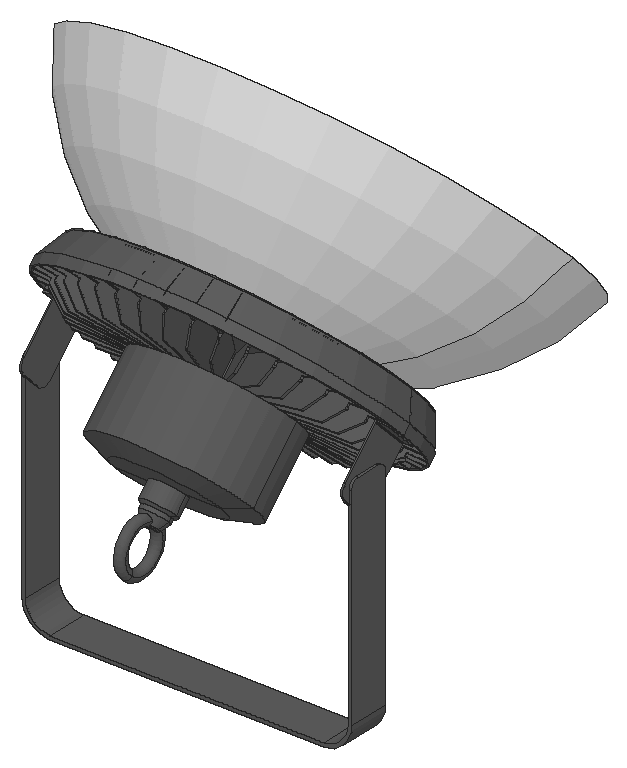
Revit family "0039351+0039354+0039356 Feilo Sylvania Lighting Fixture START HIGHBAY 6K 19KLM WIDE with BRACKET and ALU SHADE ALU COLOR", category Lighting Fixtures, host Face, Revit 2017
Family settings
  Host = Face
  Round Connector Dimension = Use Diameter
  Part Type = Normal
  OmniClass Number = 23.80.70.00
  OmniClass Title = Lighting
  Cut with Voids When Loaded = No
  Light Source = No
  Shared = No
  Room Calculation Point = No
Parameters (values of type "0039351+0039354+0039356 START HIGHBAY 6K 19KLM WIDE with BRACKET and ALU SHADE ALU COLOR")
  Weight = "3.4 kg"
  Wattage Comments = ""
  WarrantyStartDate [instance] = "n/a"
  WarrantyGuarantorParts = "n/a"
  WarrantyDurationUnit = "n/a"
  WarrantyDurationParts = "n/a"
  WarrantyDescription = "n/a"
  Voltage = 230 V
  URL = "http://www.sylvania-lighting.com"
  TypeName = "START HIGHBAY 6K 19KLM WIDE with BRACKET and ALU SHADE ALU COLOR"
  TypeHead_FEILO = Start LED Highbay Head : 0039351+0039354+0039356 START HIGHBAY 6K 19KLM WIDE with BRACKET and ALU SHADE ALU COLOR
  Type Image = <None>
  Type Comments = "n/a"
  TiltAngle_FEILO [instance] = 45.00°
  ThicknessBracketPlate_FEILO = 3 mm
  SizeBracketS_FEILO = no
  SizeBracketM_FEILO = yes
  SerialNumber [instance] = "n/a"
  RadiusBracketTop_FEILO = 7 mm
  RadiusBendOut_FEILO = if(SizeBracketS_FEILO, 18 mm, if(SizeBracketM_FEILO, 24 mm, 28 mm))  # 24 mm
  RadiusBendIn_FEILO = RadiusBendOut_FEILO - ThicknessBracketPlate_FEILO  # 21 mm
  Material_3_FEILO = none
  PowerFactor = 0.95
  PowerConsumption = "150 W"
  NominalLength = 296 mm
  NominalHeight = 177 mm
  NominalDepth = 296 mm
  Name = "START HIGHBAY 6K 19KLM WIDE with BRACKET and ALU SHADE ALU COLOR"
  ModelReference = Name  # "START HIGHBAY 6K 19KLM WIDE with BRACKET and ALU SHADE ALU COLOR"
  ModelNumber = "0039351+0039354+0039356"
  Model = Name  # "START HIGHBAY 6K 19KLM WIDE with BRACKET and ALU SHADE ALU COLOR"
  Material = "aluminium alloy housing, polycarbonate diffuser"
  ManufacturerName = "Feilo Sylvania"
  Manufacturer = "Feilo Sylvania"
  LuminousEfficacy = "130 lm/W"
  LuminaireType = ""
  LightOutputRatio = "n/a"
  LampsType = Lamp  # "LED"
  LampNominalLuminous = "19500 lm"
  LampMacAdamStep = "n/a"
  LampColourTemperature = "6500 K"
  LampColourRenderingIndex = "80"
  Lamp = "LED"
  Keynote = "16500"
  InstallationDate [instance] = "n/a"
  InputVoltage = "220-240V~"
  InputNominalFrequency = "50/60 Hz"
  IngressProtection = "IP65"
  ImpactProtectionIndex = "IK08"
  IfcExportType = "IfcLightFixtureType"
  IfcExportAs = "IfcLightFixtureType"
  ExpectedLife = 50000
  EndAngle_FEILO [instance] = TiltAngle_FEILO + 180.00°  # 225.00°
  ElectricShockClassification = "Class I"
  DurationUnit = "hours"
  DocumentationLiterature = "http://www.sylvania-lighting.com/product/en-int/products/0039351"
  DimmingControlOptions = "n/a"
  Material_2_FEILO = none
  Description = "START HIGHBAY, includes 1 m cables, black aluminium housing, 19500LM, 150W, 130lm/W, 6500K, Driver current: 2140mA, CR80, 60° beam angle, 1-10V dimmable,  IP65, IK08, 50,000 hrs (L70B50), (LxWxH) 296x296x177mm"
  Default Elevation = 1219.2 mm
  CreatedOn = "2/28/2018"
  CreatedBy = ""
  Cost = 0
  built-in parameter 1114216 [instance] = (empty or 0)
  ClassificationValue = "EF_70_80"
  ClassificationName = "Uniclass2015"
  Material_1_FEILO = Body-Sylvania-StartHighbay-Black
  BracketHeight_FEILO = if(SizeBracketS_FEILO, 199.5 mm, if(SizeBracketM_FEILO, 209.6 mm, 201.3 mm))  # 209.6 mm
  BracketDistanceInner_FEILO = if(SizeBracketS_FEILO, 249.4 mm, if(SizeBracketM_FEILO, 273.6 mm, 313.2 mm))  # 273.6 mm
  BarCode [instance] = "n/a"
  AssetType = "Fixed"
  AssetIdentifier [instance] = "n/a"
  Assembly Code = "D5020200"
  Apparent Load = 150 VA
  Material_4_FEILO = none
Reference planes
  plane 1 "Center (Front/Back)": y = 0
  plane 2: z = 0
  plane 3 "Center (Left/Right)": x = 0
  plane 4: x = -139.8
  plane 5: x = 139.8
  plane 6: z = 209.6
  plane 7: x = -136.8
  plane 8: z = 3
  plane 9: x = 136.8
  plane 10: y = 17.5
  plane 11: y = -17.5
  plane 12: y = -19.5
  plane 13: z = 211.6
  plane 14: y = 19.5
  plane 15: z = 200.6
Forms (mm)
  Extrusion 1, solid, material "Body-Sylvania-StartHighbay-Black" <- "Material_1_FEILO"
    sketch origin (0, 0, 0) x (1, 0, 0) y (0, 0, 1)
      loop
        line (-139.8, 209.6) -> (-139.8, 24)
        arc (-139.8, 24) -> (-132.771, 7.029) -> (-115.8, 0) r 24
        line (-115.8, 0) -> (115.8, 0)
        arc (115.8, 0) -> (132.771, 7.029) -> (139.8, 24) r 24
        line (139.8, 24) -> (139.8, 209.6) -> (136.8, 209.6) -> (136.8, 24)
        arc (136.8, 24) -> (130.649, 9.151) -> (115.8, 3) r 21
        line (115.8, 3) -> (-115.8, 3)
        arc (-115.8, 3) -> (-130.649, 9.151) -> (-136.8, 24) r 21
        line (-136.8, 24) -> (-136.8, 209.6) -> (-139.8, 209.6)
    from -17.5 to 17.5
  Extrusion 2, void
    sketch origin (0, 0, 0) x (0, 1, 0) y (0, 0, 1)
      loop
        arc (10.5, 209.6) -> (15.45, 207.55) -> (17.5, 202.6) r 7
        line (17.5, 202.6) -> (19.5, 202.6) -> (19.5, 211.6) -> (-19.5, 211.6) -> (-19.5, 202.6) -> (-17.5, 202.6)
        arc (-17.5, 202.6) -> (-15.45, 207.55) -> (-10.5, 209.6) r 7
        line (-10.5, 209.6) -> (10.5, 209.6)
    from -139.8 to 139.8
  Revolve 3, solid, not visible
    sketch origin (1223.4, -4572, 200.6) x (0, -1, 0) y (1, 0, 0)
      loop
        line (-4572, -1223.4) -> (-4591.5, -1223.4) -> (-4591.5, -1277.783) -> (-4572, -1277.783) -> (-4572, -1223.4)
      axis (-4572, -1223.4) -> (-4572, -1277.783)
    angle from 45 <- "TiltAngle_FEILO" to 225 <- "EndAngle_FEILO"
Cuts and joins
  Extrusion 2 cuts Extrusion 1
Dimensions and locks
  "BracketHeight_FEILO": plane 6 to plane 2
  equal spacing: plane 11, plane 1 "Center (Front/Back)", plane 10
  locked: plane 11 to plane 10 at 35
  equal spacing: plane 9, plane 3 "Center (Left/Right)", plane 7
  "BracketDistanceInner_FEILO": plane 9 to plane 7
  "ThicknessBracketPlate_FEILO": plane 7 to plane 4
  "ThicknessBracketPlate_FEILO": plane 8 to plane 2
  equal spacing: plane 5, plane 3 "Center (Left/Right)", plane 4
  equal spacing: plane 12, plane 1 "Center (Front/Back)", plane 14
  locked: plane 6 to plane 13 at 2
  locked: plane 12 to plane 11 at 2
  locked: plane 6 to plane 15 at 9
  "RadiusBendOut_FEILO": radius of Extrusion 1 sketch curve  (x2)
  "RadiusBendIn_FEILO": radius of Extrusion 1 sketch curve  (x2)
  "RadiusBracketTop_FEILO": radius of Extrusion 2 sketch curve  (x2)
  aligned and locked: plane 2 to host face
  aligned and locked: level to host face
  aligned and locked: Extrusion 1 sketch curve to plane 4
  aligned and locked: Extrusion 1 sketch curve to level
  aligned and locked: plane 6 to Extrusion 1 sketch curve
  aligned and locked: Extrusion 1 sketch curve to plane 6
  aligned and locked: Extrusion 1 sketch curve to plane 7
  aligned and locked: plane 9 to Extrusion 1 sketch curve
  aligned and locked: plane 8 to Extrusion 1 sketch curve
  aligned and locked: Extrusion 1 to plane 10
  aligned and locked: plane 11 to Extrusion 1
  aligned and locked: Extrusion 1 to Extrusion 2 sketch curve
  aligned and locked: plane 14 to Extrusion 2 sketch curve  (x2)
  aligned and locked: Extrusion 2 sketch curve to plane 12
  aligned and locked: plane 13 to Extrusion 2 sketch curve
  aligned and locked: plane 5 to Extrusion 2
  aligned and locked: Extrusion 2 to plane 4
  aligned and locked: Revolve 3 sketch curve to plane 1 "Center (Front/Back)"
  aligned and locked: Revolve 3 sketch curve to Revolve 3 sketch curve
  aligned and locked: plane 3 "Center (Left/Right)" to Revolve 3 sketch curve
  aligned and locked: Revolve 3 sketch curve to plane 14
  aligned and locked: nested 1 to plane 3 "Center (Left/Right)"
Automatic sketch dimensions
  host sketch curve to host sketch curve = 2438.4 mm  (x2)
  Revolve 3 sketch curve to Revolve 3 sketch curve = 54.383 mm
  Revolve 3 sketch curve to plane 4 = 1396.3 mm
  plane 5 to Revolve 3 sketch curve = 1396.3 mm
  Extrusion 1 sketch curve to Extrusion 1 sketch curve = 0 mm
  Extrusion 2 sketch curve to plane 11 = 0 mm
  Extrusion 2 sketch curve to plane 10 = 0 mm
Nested families
  nested 1: "Start LED Highbay Head" at (0, 0, 200.6) x (-1, 0, 0) z (0, 0.7071, 0.7071), type <- "TypeHead_FEILO", type "0039351+0039354+0039356 START HIGHBAY 6K 19KLM WIDE with BRACKET and ALU SHADE ALU COLOR"
    with built-in parameter 1114216 (empty or 0)
Connectors
  electrical at (0, 0, 0), driven by "Apparent Load", driven by "PowerFactor", driven by "Voltage"
    settings: index 1, voltage 230 V, apparent load 150 VA, apparent load phase1 0 VA, apparent load phase2 0 VA, apparent load phase3 0 VA, power factor 0.95, load classification "Lighting", number of poles 1, system type 30, power factor state 1, is connector primary yes, connector utility no, sub classification motor no, connector description ""
Definition of nested family "Start LED Highbay Head"
  Parameters (values of type "0039351+0039354+0039358 START HIGHBAY 6K 19KLM WIDE with BRACKET and PC LAMPSHADE TRANSPARENT ")
    X_FEILO = if(SizeS_FEILO, 60.3 mm, if(SizeM_FEILO, 70.4 mm, 83.5 mm))  # 70.4 mm
    WidthStraight_FEILO = if(SizeS_FEILO, 3 mm, if(SizeM_FEILO, 4 mm, 4.7 mm))  # 4 mm
    WidthRingChamfer_FEILO = if(SizeS_FEILO, 10.3 mm, if(SizeM_FEILO, 11.2 mm, 12.9 mm))  # 11.2 mm
    WidthCurved_FEILO = if(SizeS_FEILO, 17.4 mm, if(SizeM_FEILO, 16.4 mm, 26.2 mm))  # 16.4 mm
    WidthCurvedRing_FEILO = if(SizeS_FEILO, 3 mm, if(SizeM_FEILO, 4 mm, 4.7 mm))  # 4 mm
    WidthBracket_FEILO = 40 mm
    Wattage Comments = ""
    Wattage = 150 W
    built-in parameter 1150110 = 1 (stored number, unit not read)
    URL = "http://www.feilosylvania.com"
    Type Image = (empty or 0)
    Type Comments = "n/a"
    built-in parameter 1114217 = 1 (stored number, unit not read)
    Tilt Angle = -90.00°
    ThicknessWall_FEILO = 1.5 mm
    ThicknessBracket_FEILO = 1.5 mm
    ThicknessBracketHalf_FEILO = ThicknessBracket_FEILO / 2  # 0.75 mm
    built-in parameter 1150109 = 1 (stored number, unit not read)
    built-in parameter 1150134 = 1
    built-in parameter 1150113 = 1 (stored number, unit not read)
    SizeS_FEILO = no
    SizeM_FEILO = yes
    ShadeThickness_FEILO = 3 mm
    ShadeSizeSM_FEILO = or(SizeS_FEILO, SizeM_FEILO)  # yes
    ShadeRadiusOut_FEILO = 205 mm
    ShadeRadiusIn_FEILO = if(ShadeSizeSM_FEILO, 95 mm, 121 mm)  # 95 mm
    ShadeRadiusBend_FEILO = if(ShadeSizeSM_FEILO, 210 mm, 210 mm)  # 210 mm
    ShadeOn_FEILO = yes
    ShadeHeight_FEILO = if(ShadeSizeSM_FEILO, 120 mm, 151 mm)  # 120 mm
    Rib4_FEILO = if(SizeS_FEILO, 18.1 mm, if(SizeM_FEILO, 13.6 mm, 14.6 mm))  # 13.6 mm
    Rib3_FEILO = if(SizeS_FEILO, 15.3 mm, if(SizeM_FEILO, 17.6 mm, 20.2 mm))  # 17.6 mm
    Rib2_FEILO = if(SizeS_FEILO, 3.6 mm, if(SizeM_FEILO, 3.9 mm, 4.5 mm))  # 3.9 mm
    Rib1_FEILO = if(SizeS_FEILO, 15.1 mm, if(SizeM_FEILO, 16.5 mm, 19 mm))  # 16.5 mm
    RadiusDiffuser_FEILO = if(SizeS_FEILO, 95.2 mm, if(SizeM_FEILO, 105.3 mm, 120 mm))  # 105.3 mm
    RadiusArrayPost_FEILO = DriverRadius_FEILO - 6 mm  # 61.2 mm
    RHRadius3_FEILO = if(SizeS_FEILO, 6.6 mm, if(SizeM_FEILO, 7.4 mm, 8.6 mm))  # 7.4 mm
    RHRadius2_FEILO = if(SizeS_FEILO, 11 mm, if(SizeM_FEILO, 12 mm, 14 mm))  # 12 mm
    RHRadius1_FEILO = if(SizeS_FEILO, 13.6 mm, if(SizeM_FEILO, 14.9 mm, 17.7 mm))  # 14.9 mm
    RHHeight4_FEILO = if(SizeS_FEILO, 7.3 mm, if(SizeM_FEILO, 8 mm, 9.2 mm))  # 8 mm
    RHHeight3_FEILO = if(SizeS_FEILO, 3.6 mm, if(SizeM_FEILO, 3.7 mm, 4.6 mm))  # 3.7 mm
    RHHeight2_FEILO = if(SizeS_FEILO, 2 mm, if(SizeM_FEILO, 2.2 mm, 2.6 mm))  # 2.2 mm
    RHHeight1_FEILO = if(SizeS_FEILO, 11.8 mm, if(SizeM_FEILO, 15.3 mm, 17.4 mm))  # 15.3 mm
    Photometric Web File = "0039351+0039358.ies"
    Material_5_FEILO = none
    Material_3_FEILO = none
    Model = "START HIGHBAY 6K 19KLM WIDE with BRACKET and PC LAMPSHADE TRANSPARENT"
    Manufacturer = "Feilo Sylvania"
    built-in parameter 1150105 = 10854.2 (stored number, unit not read)
    Lumens = 19500 lm
    built-in parameter 1150115 = 1 (stored number, unit not read)
    built-in parameter 1150137 = (empty or 0)
    built-in parameter 1150139 = (empty or 0)
    built-in parameter 1150112 = 1 (stored number, unit not read)
    built-in parameter 1150114 = 1 (stored number, unit not read)
    Lamp = "LED"
    Keynote = "16500"
    built-in parameter 1150132 = (empty or 0)
    built-in parameter 1150102 = (empty or 0)
    built-in parameter 1150107 = 6500 (stored number, unit not read)
    built-in parameter 1150138 = (empty or 0)
    built-in parameter 1150106 = 108.54 (stored number, unit not read)
    HeightRing_FEILO = if(SizeS_FEILO, 19.8 mm, if(SizeM_FEILO, 32 mm, 36.8 mm))  # 32 mm
    HeightRingChamfer_FEILO = if(SizeS_FEILO, 11.7 mm, if(SizeM_FEILO, 23.2 mm, 26.6 mm))  # 23.2 mm
    EyeThickness_FEILO = if(SizeS_FEILO, 8.4 mm, if(SizeM_FEILO, 9.2 mm, 10.5 mm))  # 9.2 mm
    EyeThicknessHalf_FEILO = EyeThickness_FEILO / 2  # 4.6 mm
    EyeInner_FEILO = if(SizeS_FEILO, 13.8 mm, if(SizeM_FEILO, 15.1 mm, 17.3 mm))  # 15.1 mm
    Emit from Circle Diameter = RadiusDiffuser_FEILO * 2  # 210.6 mm
    Emit Shape Visible in Rendering = no
    built-in parameter 1150104 = 12.077 (stored number, unit not read)
    DriverVerticalStraight_FEILO = if(SizeS_FEILO, 46.5 mm, if(SizeM_FEILO, 49.7 mm, 57 mm))  # 49.7 mm
    DriverVerticalChamfer_FEILO = if(SizeS_FEILO, 7.5 mm, if(SizeM_FEILO, 8.2 mm, 9.5 mm))  # 8.2 mm
    DriverRadius_FEILO = if(SizeS_FEILO, 61.4 mm, if(SizeM_FEILO, 67.2 mm, 76.4 mm))  # 67.2 mm
    DriverRadiusTop_FEILO = if(SizeS_FEILO, 42 mm, if(SizeM_FEILO, 45.3 mm, 52.4 mm))  # 45.3 mm
    DriverBottom_FEILO = if(SizeS_FEILO, 56 mm, if(SizeM_FEILO, 64.5 mm, 74 mm))  # 64.5 mm
    Material_2_FEILO = none
    Radius_FEILO = if(SizeS_FEILO, 135 mm, if(SizeM_FEILO, 148 mm, 169.5 mm))  # 148 mm
    Dimming Lamp Color Temperature Shift = (empty or 0)
    DiameterWire_FEILO = 3 mm
    DiameterWireSupport_FEILO = 10 mm
    Description = "START HIGHBAY, includes 1 m cables, black aluminium housing, 19500LM, 150W, 130lm/W, 6500K, Driver current: 2140mA, CR80, 60° beam angle, 1-10V dimmable,  IP65, IK08, 50,000 hrs (L70B50), (LxWxH) 296x296x177mm"
    Default Elevation = 1219.2 mm
    Cost = 0
    Color Filter = 16777215
    built-in parameter 1114216 [instance] = (empty or 0)
    Material_1_FEILO = none
    built-in parameter 1114218 = 1 (stored number, unit not read)
    built-in parameter 1150133 = 10 (stored number, unit not read)
    Assembly Code = "D5020200"
    Apparent Load = 150 VA
    Material_4_FEILO = none
  Types (36, lengths in mm): name | X_FEILO | WidthStraight_FEILO | WidthRingChamfer_FEILO | WidthCurved_FEILO | WidthCurvedRing_FEILO | Wattage | built-in parameter 1150134 | SizeS_FEILO | SizeM_FEILO | ShadeSizeSM_FEILO | ShadeRadiusIn_FEILO | ShadeOn_FEILO | ShadeHeight_FEILO | Rib4_FEILO | Rib3_FEILO | Rib2_FEILO | Rib1_FEILO | RadiusDiffuser_FEILO | RadiusArrayPost_FEILO | RHRadius3_FEILO | RHRadius2_FEILO | RHRadius1_FEILO | RHHeight4_FEILO | RHHeight3_FEILO | RHHeight2_FEILO | RHHeight1_FEILO | Photometric Web File | Model | built-in parameter 1150105 | Lumens | built-in parameter 1150107 | built-in parameter 1150106 | HeightRing_FEILO | HeightRingChamfer_FEILO | EyeThickness_FEILO | EyeThicknessHalf_FEILO | EyeInner_FEILO | Emit from Circle Diameter | DriverVerticalStraight_FEILO | DriverVerticalChamfer_FEILO | DriverRadius_FEILO | DriverRadiusTop_FEILO | DriverBottom_FEILO | Radius_FEILO | Description | Apparent Load
    0039352+0039355+0039361 START HIGHBAY 6K 26KLM WIDE with BRACKET and PC LAMPSHADE TRANSPARENT | 83.5 | 4.7 | 12.9 | 26.2 | 4.7 | 200 W | 1 | no | no | no | 121 | yes | 151 | 14.6 | 20.2 | 4.5 | 19 | 120 | 70.4 | 8.6 | 14 | 17.7 | 9.2 | 4.6 | 2.6 | 17.4 | "0039352+0039361.ies" | "START HIGHBAY 6K 26KLM WIDE with BRACKET and PC LAMPSHADE TRANSPARENT" | 17911 (stored number, unit not read) | 26000 lm | 6500 (stored number, unit not read) | 179.11 (stored number, unit not read) | 36.8 | 26.6 | 10.5 | 5.25 | 17.3 | 240 | 57 | 9.5 | 76.4 | 52.4 | 74 | 169.5 | "START HIGHBAY, includes 1 m cables, black aluminium housing, 26000LM, 200W, 130lm/W, 6500K, Driver current: 5000mA, CR80, 60° beam angle, 1-10V dimmable,  IP65, IK08, 50,000 hrs (L70B50), (LxWxH) 339x339x194mm" | 200 VA
    0039352+0039355+0039360 START HIGHBAY 6K 26KLM WIDE with BRACKET and ALU SHADE BLACK COLOR | 83.5 | 4.7 | 12.9 | 26.2 | 4.7 | 200 W | 1 | no | no | no | 121 | yes | 151 | 14.6 | 20.2 | 4.5 | 19 | 120 | 70.4 | 8.6 | 14 | 17.7 | 9.2 | 4.6 | 2.6 | 17.4 | "0039352+0039360.ies" | "START HIGHBAY 6K 26KLM WIDE with BRACKET and ALU SHADE BLACK COLOR" | 14870 (stored number, unit not read) | 26000 lm | 6500 (stored number, unit not read) | 148.7 (stored number, unit not read) | 36.8 | 26.6 | 10.5 | 5.25 | 17.3 | 240 | 57 | 9.5 | 76.4 | 52.4 | 74 | 169.5 | "START HIGHBAY, includes 1 m cables, black aluminium housing, 26000LM, 200W, 130lm/W, 6500K, Driver current: 5000mA, CR80, 60° beam angle, 1-10V dimmable,  IP65, IK08, 50,000 hrs (L70B50), (LxWxH) 339x339x194mm" | 200 VA
    0039352+0039355+0039359 START HIGHBAY 6K 26KLM WIDE with BRACKET and ALU SHADE ALU COLOR | 83.5 | 4.7 | 12.9 | 26.2 | 4.7 | 200 W | 1 | no | no | no | 121 | yes | 151 | 14.6 | 20.2 | 4.5 | 19 | 120 | 70.4 | 8.6 | 14 | 17.7 | 9.2 | 4.6 | 2.6 | 17.4 | "0039352+0039359.ies" | "START HIGHBAY 6K 26KLM WIDE with BRACKET and ALU SHADE ALU COLOR" | 14870 (stored number, unit not read) | 26000 lm | 6500 (stored number, unit not read) | 148.7 (stored number, unit not read) | 36.8 | 26.6 | 10.5 | 5.25 | 17.3 | 240 | 57 | 9.5 | 76.4 | 52.4 | 74 | 169.5 | "START HIGHBAY, includes 1 m cables, black aluminium housing, 26000LM, 200W, 130lm/W, 6500K, Driver current: 5000mA, CR80, 60° beam angle, 1-10V dimmable,  IP65, IK08, 50,000 hrs (L70B50), (LxWxH) 339x339x194mm" | 200 VA
    0039352+0039355 START HIGHBAY 6K 26KLM WIDE with BRACKET | 83.5 | 4.7 | 12.9 | 26.2 | 4.7 | 200 W | 1 | no | no | no | 121 | no | 151 | 14.6 | 20.2 | 4.5 | 19 | 120 | 70.4 | 8.6 | 14 | 17.7 | 9.2 | 4.6 | 2.6 | 17.4 | "0039352.ies" | "START HIGHBAY 6K 26KLM WIDE with BRACKET" | 13836.2 (stored number, unit not read) | 26000 lm | 6500 (stored number, unit not read) | 138.36 (stored number, unit not read) | 36.8 | 26.6 | 10.5 | 5.25 | 17.3 | 240 | 57 | 9.5 | 76.4 | 52.4 | 74 | 169.5 | "START HIGHBAY, includes 1 m cables, black aluminium housing, 26000LM, 200W, 130lm/W, 6500K, Driver current: 5000mA, CR80, 60° beam angle, 1-10V dimmable,  IP65, IK08, 50,000 hrs (L70B50), (LxWxH) 339x339x194mm" | 200 VA
    0039351+0039354+0039358 START HIGHBAY 6K 19KLM WIDE with BRACKET and PC LAMPSHADE TRANSPARENT | 70.4 | 4 | 11.2 | 16.4 | 4 | 150 W | 1 | no | yes | yes | 95 | yes | 120 | 13.6 | 17.6 | 3.9 | 16.5 | 105.3 | 61.2 | 7.4 | 12 | 14.9 | 8 | 3.7 | 2.2 | 15.3 | "0039351+0039358.ies" | "START HIGHBAY 6K 19KLM WIDE with BRACKET and PC LAMPSHADE TRANSPARENT" | 10854.2 (stored number, unit not read) | 19500 lm | 6500 (stored number, unit not read) | 108.54 (stored number, unit not read) | 32 | 23.2 | 9.2 | 4.6 | 15.1 | 210.6 | 49.7 | 8.2 | 67.2 | 45.3 | 64.5 | 148 | "START HIGHBAY, includes 1 m cables, black aluminium housing, 19500LM, 150W, 130lm/W, 6500K, Driver current: 2140mA, CR80, 60° beam angle, 1-10V dimmable,  IP65, IK08, 50,000 hrs (L70B50), (LxWxH) 296x296x177mm" | 150 VA
    0039351+0039354+0039357 START HIGHBAY 6K 19KLM WIDE with BRACKET and ALU SHADE BLACK COLOR | 70.4 | 4 | 11.2 | 16.4 | 4 | 150 W | 1 | no | yes | yes | 95 | yes | 120 | 13.6 | 17.6 | 3.9 | 16.5 | 105.3 | 61.2 | 7.4 | 12 | 14.9 | 8 | 3.7 | 2.2 | 15.3 | "0039351+0039357.ies" | "START HIGHBAY 6K 19KLM WIDE with BRACKET and ALU SHADE BLACK COLOR" | 11152.5 (stored number, unit not read) | 19500 lm | 6500 (stored number, unit not read) | 111.52 (stored number, unit not read) | 32 | 23.2 | 9.2 | 4.6 | 15.1 | 210.6 | 49.7 | 8.2 | 67.2 | 45.3 | 64.5 | 148 | "START HIGHBAY, includes 1 m cables, black aluminium housing, 19500LM, 150W, 130lm/W, 6500K, Driver current: 2140mA, CR80, 60° beam angle, 1-10V dimmable,  IP65, IK08, 50,000 hrs (L70B50), (LxWxH) 296x296x177mm" | 150 VA
    0039351+0039354+0039356 START HIGHBAY 6K 19KLM WIDE with BRACKET and ALU SHADE ALU COLOR | 70.4 | 4 | 11.2 | 16.4 | 4 | 150 W | 1 | no | yes | yes | 95 | yes | 120 | 13.6 | 17.6 | 3.9 | 16.5 | 105.3 | 61.2 | 7.4 | 12 | 14.9 | 8 | 3.7 | 2.2 | 15.3 | "0039351+0039356.ies" | "START HIGHBAY 6K 19KLM WIDE with BRACKET and ALU SHADE ALU COLOR" | 11152.5 (stored number, unit not read) | 19500 lm | 6500 (stored number, unit not read) | 111.52 (stored number, unit not read) | 32 | 23.2 | 9.2 | 4.6 | 15.1 | 210.6 | 49.7 | 8.2 | 67.2 | 45.3 | 64.5 | 148 | "START HIGHBAY, includes 1 m cables, black aluminium housing, 19500LM, 150W, 130lm/W, 6500K, Driver current: 2140mA, CR80, 60° beam angle, 1-10V dimmable,  IP65, IK08, 50,000 hrs (L70B50), (LxWxH) 296x296x177mm" | 150 VA
    0039351+0039354 START HIGHBAY 6K 19KLM WIDE with BRACKET | 70.4 | 4 | 11.2 | 16.4 | 4 | 150 W | 1 | no | yes | yes | 95 | no | 120 | 13.6 | 17.6 | 3.9 | 16.5 | 105.3 | 61.2 | 7.4 | 12 | 14.9 | 8 | 3.7 | 2.2 | 15.3 | "0039351.ies" | "START HIGHBAY 6K 19KLM WIDE with BRACKET" | 10377.1 (stored number, unit not read) | 19500 lm | 6500 (stored number, unit not read) | 103.77 (stored number, unit not read) | 32 | 23.2 | 9.2 | 4.6 | 15.1 | 210.6 | 49.7 | 8.2 | 67.2 | 45.3 | 64.5 | 148 | "START HIGHBAY, includes 1 m cables, black aluminium housing, 19500LM, 150W, 130lm/W, 6500K, Driver current: 2140mA, CR80, 60° beam angle, 1-10V dimmable,  IP65, IK08, 50,000 hrs (L70B50), (LxWxH) 296x296x177mm" | 150 VA
    0039350+0039353+0039358 START HIGHBAY 6K 13KLM WIDE with BRACKET and PC LAMPSHADE TRANSPARENT | 60.3 | 3 | 10.3 | 17.4 | 3 | 100 W | 1 | yes | no | yes | 95 | yes | 120 | 18.1 | 15.3 | 3.6 | 15.1 | 95.2 | 55.4 | 6.6 | 11 | 13.6 | 7.3 | 3.6 | 2 | 11.8 | "0039350+0039358.ies" | "START HIGHBAY 6K 13KLM WIDE with BRACKET and PC LAMPSHADE TRANSPARENT" | 7236.1 (stored number, unit not read) | 13000 lm | 6500 (stored number, unit not read) | 72.361 (stored number, unit not read) | 19.8 | 11.7 | 8.4 | 4.2 | 13.8 | 190.4 | 46.5 | 7.5 | 61.4 | 42 | 56 | 135 | "START HIGHBAY, includes 1 m cables, black aluminium housing, 13000LM, 100W, 130lm/W, 6500K, Driver current: 2140mA, CR80, 60° beam angle, 1-10V dimmable,  IP65, IK08, 50,000 hrs (L70B50), (LxWxH) 270x270x170mm" | 100 VA
    0039350+0039353+0039357 START HIGHBAY 6K 13KLM WIDE with BRACKET and ALU SHADE BLACK COLOR | 60.3 | 3 | 10.3 | 17.4 | 3 | 100 W | 1 | yes | no | yes | 95 | yes | 120 | 18.1 | 15.3 | 3.6 | 15.1 | 95.2 | 55.4 | 6.6 | 11 | 13.6 | 7.3 | 3.6 | 2 | 11.8 | "0039350+0039357.ies" | "START HIGHBAY 6K 13KLM WIDE with BRACKET and ALU SHADE BLACK COLOR" | 7435 (stored number, unit not read) | 13000 lm | 6500 (stored number, unit not read) | 74.35 (stored number, unit not read) | 19.8 | 11.7 | 8.4 | 4.2 | 13.8 | 190.4 | 46.5 | 7.5 | 61.4 | 42 | 56 | 135 | "START HIGHBAY, includes 1 m cables, black aluminium housing, 13000LM, 100W, 130lm/W, 6500K, Driver current: 2140mA, CR80, 60° beam angle, 1-10V dimmable,  IP65, IK08, 50,000 hrs (L70B50), (LxWxH) 270x270x170mm" | 100 VA
    0039350+0039353+0039356 START HIGHBAY 6K 13KLM WIDE with BRACKET and ALU SHADE ALU COLOR | 60.3 | 3 | 10.3 | 17.4 | 3 | 100 W | 1 | yes | no | yes | 95 | yes | 120 | 18.1 | 15.3 | 3.6 | 15.1 | 95.2 | 55.4 | 6.6 | 11 | 13.6 | 7.3 | 3.6 | 2 | 11.8 | "0039350+0039356.ies" | "START HIGHBAY 6K 13KLM WIDE with BRACKET and ALU SHADE ALU COLOR" | 7435 (stored number, unit not read) | 13000 lm | 6500 (stored number, unit not read) | 74.35 (stored number, unit not read) | 19.8 | 11.7 | 8.4 | 4.2 | 13.8 | 190.4 | 46.5 | 7.5 | 61.4 | 42 | 56 | 135 | "START HIGHBAY, includes 1 m cables, black aluminium housing, 13000LM, 100W, 130lm/W, 6500K, Driver current: 2140mA, CR80, 60° beam angle, 1-10V dimmable,  IP65, IK08, 50,000 hrs (L70B50), (LxWxH) 270x270x170mm" | 100 VA
    0039350+0039353 START HIGHBAY 6K 13KLM WIDE with BRACKET | 60.3 | 3 | 10.3 | 17.4 | 3 | 100 W | 1 | yes | no | yes | 95 | no | 120 | 18.1 | 15.3 | 3.6 | 15.1 | 95.2 | 55.4 | 6.6 | 11 | 13.6 | 7.3 | 3.6 | 2 | 11.8 | "0039350.ies" | "START HIGHBAY 6K 13KLM WIDE with BRACKET" | 6918.1 (stored number, unit not read) | 13000 lm | 6500 (stored number, unit not read) | 69.181 (stored number, unit not read) | 19.8 | 11.7 | 8.4 | 4.2 | 13.8 | 190.4 | 46.5 | 7.5 | 61.4 | 42 | 56 | 135 | "START HIGHBAY, includes 1 m cables, black aluminium housing, 13000LM, 100W, 130lm/W, 6500K, Driver current: 2140mA, CR80, 60° beam angle, 1-10V dimmable,  IP65, IK08, 50,000 hrs (L70B50), (LxWxH) 270x270x170mm" | 100 VA
    0039349+0039355+0039361 START HIGHBAY 4K 26KLM WIDE with BRACKET and PC LAMPSHADE TRANSPARENT FOR | 83.5 | 4.7 | 12.9 | 26.2 | 4.7 | 200 W | 12 | no | no | no | 121 | yes | 151 | 14.6 | 20.2 | 4.5 | 19 | 120 | 70.4 | 8.6 | 14 | 17.7 | 9.2 | 4.6 | 2.6 | 17.4 | "0039349+0039361.ies" | "START HIGHBAY 4K 26KLM WIDE with BRACKET and PC LAMPSHADE TRANSPARENT FOR" | 17911 (stored number, unit not read) | 26000 lm | 4000 (stored number, unit not read) | 179.11 (stored number, unit not read) | 36.8 | 26.6 | 10.5 | 5.25 | 17.3 | 240 | 57 | 9.5 | 76.4 | 52.4 | 74 | 169.5 | "START HIGHBAY, includes 1 m cables, black aluminium housing, 26000LM, 200W, 130lm/W, 4000K, Driver current: 5000mA, CR80, 90° beam angle, 1-10V dimmable,  IP65, IK08, 50,000 hrs (L70B50), (LxWxH) 339x339x194mm" | 200 VA
    0039349+0039355+0039360 START HIGHBAY 4K 26KLM WIDE with BRACKET and ALU SHADE BLACK COLOR | 83.5 | 4.7 | 12.9 | 26.2 | 4.7 | 200 W | 12 | no | no | no | 121 | yes | 151 | 14.6 | 20.2 | 4.5 | 19 | 120 | 70.4 | 8.6 | 14 | 17.7 | 9.2 | 4.6 | 2.6 | 17.4 | "0039349+0039360.ies" | "START HIGHBAY 4K 26KLM WIDE with BRACKET and ALU SHADE BLACK COLOR" | 14870 (stored number, unit not read) | 26000 lm | 4000 (stored number, unit not read) | 148.7 (stored number, unit not read) | 36.8 | 26.6 | 10.5 | 5.25 | 17.3 | 240 | 57 | 9.5 | 76.4 | 52.4 | 74 | 169.5 | "START HIGHBAY, includes 1 m cables, black aluminium housing, 26000LM, 200W, 130lm/W, 4000K, Driver current: 5000mA, CR80, 90° beam angle, 1-10V dimmable,  IP65, IK08, 50,000 hrs (L70B50), (LxWxH) 339x339x194mm" | 200 VA
    0039349+0039355+0039359 START HIGHBAY 4K 26KLM WIDE with BRACKET and ALU SHADE ALU COLOR | 83.5 | 4.7 | 12.9 | 26.2 | 4.7 | 200 W | 12 | no | no | no | 121 | yes | 151 | 14.6 | 20.2 | 4.5 | 19 | 120 | 70.4 | 8.6 | 14 | 17.7 | 9.2 | 4.6 | 2.6 | 17.4 | "0039349+0039359.ies" | "START HIGHBAY 4K 26KLM WIDE with BRACKET and ALU SHADE ALU COLOR" | 14870 (stored number, unit not read) | 26000 lm | 4000 (stored number, unit not read) | 148.7 (stored number, unit not read) | 36.8 | 26.6 | 10.5 | 5.25 | 17.3 | 240 | 57 | 9.5 | 76.4 | 52.4 | 74 | 169.5 | "START HIGHBAY, includes 1 m cables, black aluminium housing, 26000LM, 200W, 130lm/W, 4000K, Driver current: 5000mA, CR80, 90° beam angle, 1-10V dimmable,  IP65, IK08, 50,000 hrs (L70B50), (LxWxH) 339x339x194mm" | 200 VA
    0039349+0039355 START HIGHBAY 4K 26KLM WIDE with BRACKET | 83.5 | 4.7 | 12.9 | 26.2 | 4.7 | 200 W | 12 | no | no | no | 121 | no | 151 | 14.6 | 20.2 | 4.5 | 19 | 120 | 70.4 | 8.6 | 14 | 17.7 | 9.2 | 4.6 | 2.6 | 17.4 | "0039349.ies" | "START HIGHBAY 4K 26KLM WIDE with BRACKET" | 13836.2 (stored number, unit not read) | 26000 lm | 4000 (stored number, unit not read) | 138.36 (stored number, unit not read) | 36.8 | 26.6 | 10.5 | 5.25 | 17.3 | 240 | 57 | 9.5 | 76.4 | 52.4 | 74 | 169.5 | "START HIGHBAY, includes 1 m cables, black aluminium housing, 26000LM, 200W, 130lm/W, 4000K, Driver current: 5000mA, CR80, 90° beam angle, 1-10V dimmable,  IP65, IK08, 50,000 hrs (L70B50), (LxWxH) 339x339x194mm" | 200 VA
    0039348+0039354+0039358 START HIGHBAY 4K 19KLM WIDE with BRACKET and PC LAMPSHADE TRANSPARENT | 70.4 | 4 | 11.2 | 16.4 | 4 | 150 W | 12 | no | yes | yes | 95 | yes | 120 | 13.6 | 17.6 | 3.9 | 16.5 | 105.3 | 61.2 | 7.4 | 12 | 14.9 | 8 | 3.7 | 2.2 | 15.3 | "0039348+0039358.ies" | "START HIGHBAY 4K 19KLM WIDE with BRACKET and PC LAMPSHADE TRANSPARENT" | 10854.2 (stored number, unit not read) | 19500 lm | 4000 (stored number, unit not read) | 108.54 (stored number, unit not read) | 32 | 23.2 | 9.2 | 4.6 | 15.1 | 210.6 | 49.7 | 8.2 | 67.2 | 45.3 | 64.5 | 148 | "START HIGHBAY, includes 1 m cables, black aluminium housing, 19500LM, 150W, 130lm/W, 4000K, Driver current: 3210mA, CR80, 90° beam angle, 1-10V dimmable,  IP65, IK08, 50,000 hrs (L70B50), (LxWxH) 296x296x177mm" | 150 VA
    0039348+0039354+0039357 START HIGHBAY 4K 19KLM WIDE with BRACKET and ALU SHADE BLACK COLOR | 70.4 | 4 | 11.2 | 16.4 | 4 | 150 W | 12 | no | yes | yes | 95 | yes | 120 | 13.6 | 17.6 | 3.9 | 16.5 | 105.3 | 61.2 | 7.4 | 12 | 14.9 | 8 | 3.7 | 2.2 | 15.3 | "0039348+0039357.ies" | "START HIGHBAY 4K 19KLM WIDE with BRACKET and ALU SHADE BLACK COLOR" | 11152.5 (stored number, unit not read) | 19500 lm | 4000 (stored number, unit not read) | 111.52 (stored number, unit not read) | 32 | 23.2 | 9.2 | 4.6 | 15.1 | 210.6 | 49.7 | 8.2 | 67.2 | 45.3 | 64.5 | 148 | "START HIGHBAY, includes 1 m cables, black aluminium housing, 19500LM, 150W, 130lm/W, 4000K, Driver current: 3210mA, CR80, 90° beam angle, 1-10V dimmable,  IP65, IK08, 50,000 hrs (L70B50), (LxWxH) 296x296x177mm" | 150 VA
    0039348+0039354+0039356 START HIGHBAY 4K 19KLM WIDE with BRACKET and ALU SHADE ALU COLOR | 70.4 | 4 | 11.2 | 16.4 | 4 | 150 W | 12 | no | yes | yes | 95 | yes | 120 | 13.6 | 17.6 | 3.9 | 16.5 | 105.3 | 61.2 | 7.4 | 12 | 14.9 | 8 | 3.7 | 2.2 | 15.3 | "0039348+0039356.ies" | "START HIGHBAY 4K 19KLM WIDE with BRACKET and ALU SHADE ALU COLOR" | 11152.5 (stored number, unit not read) | 19500 lm | 4000 (stored number, unit not read) | 111.52 (stored number, unit not read) | 32 | 23.2 | 9.2 | 4.6 | 15.1 | 210.6 | 49.7 | 8.2 | 67.2 | 45.3 | 64.5 | 148 | "START HIGHBAY, includes 1 m cables, black aluminium housing, 19500LM, 150W, 130lm/W, 4000K, Driver current: 3210mA, CR80, 90° beam angle, 1-10V dimmable,  IP65, IK08, 50,000 hrs (L70B50), (LxWxH) 296x296x177mm" | 150 VA
    0039348+0039354 START HIGHBAY 4K 19KLM WIDE with BRACKET | 70.4 | 4 | 11.2 | 16.4 | 4 | 150 W | 12 | no | yes | yes | 95 | no | 120 | 13.6 | 17.6 | 3.9 | 16.5 | 105.3 | 61.2 | 7.4 | 12 | 14.9 | 8 | 3.7 | 2.2 | 15.3 | "0039348.ies" | "START HIGHBAY 4K 19KLM WIDE with BRACKET" | 10377.1 (stored number, unit not read) | 19500 lm | 4000 (stored number, unit not read) | 103.77 (stored number, unit not read) | 32 | 23.2 | 9.2 | 4.6 | 15.1 | 210.6 | 49.7 | 8.2 | 67.2 | 45.3 | 64.5 | 148 | "START HIGHBAY, includes 1 m cables, black aluminium housing, 19500LM, 150W, 130lm/W, 4000K, Driver current: 3210mA, CR80, 90° beam angle, 1-10V dimmable,  IP65, IK08, 50,000 hrs (L70B50), (LxWxH) 296x296x177mm" | 150 VA
    0039347+0039353+0039358 START HIGHBAY 4K 13KLM WIDE with BRACKET and PC LAMPSHADE TRANSPARENT | 60.3 | 3 | 10.3 | 17.4 | 3 | 100 W | 12 | yes | no | yes | 95 | yes | 120 | 18.1 | 15.3 | 3.6 | 15.1 | 95.2 | 55.4 | 6.6 | 11 | 13.6 | 7.3 | 3.6 | 2 | 11.8 | "0039347+0039358.ies" | "START HIGHBAY 4K 13KLM WIDE with BRACKET and PC LAMPSHADE TRANSPARENT" | 7236.1 (stored number, unit not read) | 13000 lm | 4000 (stored number, unit not read) | 72.361 (stored number, unit not read) | 19.8 | 11.7 | 8.4 | 4.2 | 13.8 | 190.4 | 46.5 | 7.5 | 61.4 | 42 | 56 | 135 | "START HIGHBAY, includes 1 m cables, black aluminium housing, 13000LM, 100W, 130lm/W, 4000K, Driver current: 2140mA, CR80, 90° beam angle, 1-10V dimmable,  IP65, IK08, 50,000 hrs (L70B50), (LxWxH) 270x270x170mm" | 100 VA
    0039347+0039353+0039357 START HIGHBAY 4K 13KLM WIDE with BRACKET and ALU SHADE BLACK COLOR | 60.3 | 3 | 10.3 | 17.4 | 3 | 100 W | 12 | yes | no | yes | 95 | yes | 120 | 18.1 | 15.3 | 3.6 | 15.1 | 95.2 | 55.4 | 6.6 | 11 | 13.6 | 7.3 | 3.6 | 2 | 11.8 | "0039347+0039357.ies" | "START HIGHBAY 4K 13KLM WIDE with BRACKET and ALU SHADE BLACK COLOR" | 7435 (stored number, unit not read) | 13000 lm | 4000 (stored number, unit not read) | 74.35 (stored number, unit not read) | 19.8 | 11.7 | 8.4 | 4.2 | 13.8 | 190.4 | 46.5 | 7.5 | 61.4 | 42 | 56 | 135 | "START HIGHBAY, includes 1 m cables, black aluminium housing, 13000LM, 100W, 130lm/W, 4000K, Driver current: 2140mA, CR80, 90° beam angle, 1-10V dimmable,  IP65, IK08, 50,000 hrs (L70B50), (LxWxH) 270x270x170mm" | 100 VA
    0039347+0039353+0039356 START HIGHBAY 4K 13KLM WIDE with BRACKET and ALU SHADE ALU COLOR | 60.3 | 3 | 10.3 | 17.4 | 3 | 100 W | 12 | yes | no | yes | 95 | yes | 120 | 18.1 | 15.3 | 3.6 | 15.1 | 95.2 | 55.4 | 6.6 | 11 | 13.6 | 7.3 | 3.6 | 2 | 11.8 | "0039347+0039356.ies" | "START HIGHBAY 4K 13KLM WIDE with BRACKET and ALU SHADE ALU COLOR" | 7435 (stored number, unit not read) | 13000 lm | 4000 (stored number, unit not read) | 74.35 (stored number, unit not read) | 19.8 | 11.7 | 8.4 | 4.2 | 13.8 | 190.4 | 46.5 | 7.5 | 61.4 | 42 | 56 | 135 | "START HIGHBAY, includes 1 m cables, black aluminium housing, 13000LM, 100W, 130lm/W, 4000K, Driver current: 2140mA, CR80, 90° beam angle, 1-10V dimmable,  IP65, IK08, 50,000 hrs (L70B50), (LxWxH) 270x270x170mm" | 100 VA
    0039347+0039353 START HIGHBAY 4K 13KLM WIDE with BRACKET | 60.3 | 3 | 10.3 | 17.4 | 3 | 100 W | 12 | yes | no | yes | 95 | no | 120 | 18.1 | 15.3 | 3.6 | 15.1 | 95.2 | 55.4 | 6.6 | 11 | 13.6 | 7.3 | 3.6 | 2 | 11.8 | "0039347.ies" | "START HIGHBAY 4K 13KLM WIDE with BRACKET" | 6918.1 (stored number, unit not read) | 13000 lm | 4000 (stored number, unit not read) | 69.181 (stored number, unit not read) | 19.8 | 11.7 | 8.4 | 4.2 | 13.8 | 190.4 | 46.5 | 7.5 | 61.4 | 42 | 56 | 135 | "START HIGHBAY, includes 1 m cables, black aluminium housing, 13000LM, 100W, 130lm/W, 4000K, Driver current: 2140mA, CR80, 90° beam angle, 1-10V dimmable,  IP65, IK08, 50,000 hrs (L70B50), (LxWxH) 270x270x170mm" | 100 VA
    0039346+0039355+0039361 START HIGHBAY 4K 26KLM MEDIUM with BRACKET and PC LAMPSHADE TRANSPARENT | 83.5 | 4.7 | 12.9 | 26.2 | 4.7 | 200 W | 12 | no | no | no | 121 | yes | 151 | 14.6 | 20.2 | 4.5 | 19 | 120 | 70.4 | 8.6 | 14 | 17.7 | 9.2 | 4.6 | 2.6 | 17.4 | "0039346+0039361.ies" | "START HIGHBAY 4K 26KLM MEDIUM with BRACKET and PC LAMPSHADE TRANSPARENT" | 35142.4 (stored number, unit not read) | 26000 lm | 4000 (stored number, unit not read) | 351.42 (stored number, unit not read) | 36.8 | 26.6 | 10.5 | 5.25 | 17.3 | 240 | 57 | 9.5 | 76.4 | 52.4 | 74 | 169.5 | "START HIGHBAY, includes 1 m cables, black aluminium housing, 26000LM, 200W, 130lm/W, 4000K, Driver current: 5000mA, CR80, 60° beam angle, 1-10V dimmable,  IP65, IK08, 50,000 hrs (L70B50), (LxWxH) 339x339x194mm" | 200 VA
    0039346+0039355+0039360 START HIGHBAY 4K 26KLM MEDIUM with BRACKET and ALU SHADE BLACK COLOR | 83.5 | 4.7 | 12.9 | 26.2 | 4.7 | 200 W | 12 | no | no | no | 121 | yes | 151 | 14.6 | 20.2 | 4.5 | 19 | 120 | 70.4 | 8.6 | 14 | 17.7 | 9.2 | 4.6 | 2.6 | 17.4 | "0039346+0039360.ies" | "START HIGHBAY 4K 26KLM MEDIUM with BRACKET and ALU SHADE BLACK COLOR" | 35336 (stored number, unit not read) | 26000 lm | 4000 (stored number, unit not read) | 353.36 (stored number, unit not read) | 36.8 | 26.6 | 10.5 | 5.25 | 17.3 | 240 | 57 | 9.5 | 76.4 | 52.4 | 74 | 169.5 | "START HIGHBAY, includes 1 m cables, black aluminium housing, 26000LM, 200W, 130lm/W, 4000K, Driver current: 5000mA, CR80, 60° beam angle, 1-10V dimmable,  IP65, IK08, 50,000 hrs (L70B50), (LxWxH) 339x339x194mm" | 200 VA
    0039346+0039355+0039359 START HIGHBAY 4K 26KLM MEDIUM with BRACKET and ALU SHADE ALU COLOR | 83.5 | 4.7 | 12.9 | 26.2 | 4.7 | 200 W | 12 | no | no | no | 121 | yes | 151 | 14.6 | 20.2 | 4.5 | 19 | 120 | 70.4 | 8.6 | 14 | 17.7 | 9.2 | 4.6 | 2.6 | 17.4 | "0039346+0039359.ies" | "START HIGHBAY 4K 26KLM MEDIUM with BRACKET and ALU SHADE ALU COLOR" | 35336 (stored number, unit not read) | 26000 lm | 4000 (stored number, unit not read) | 353.36 (stored number, unit not read) | 36.8 | 26.6 | 10.5 | 5.25 | 17.3 | 240 | 57 | 9.5 | 76.4 | 52.4 | 74 | 169.5 | "START HIGHBAY, includes 1 m cables, black aluminium housing, 26000LM, 200W, 130lm/W, 4000K, Driver current: 5000mA, CR80, 60° beam angle, 1-10V dimmable,  IP65, IK08, 50,000 hrs (L70B50), (LxWxH) 339x339x194mm" | 200 VA
    0039346+0039355 START HIGHBAY 4K 26KLM MEDIUM with BRACKET | 83.5 | 4.7 | 12.9 | 26.2 | 4.7 | 200 W | 12 | no | no | no | 121 | no | 151 | 14.6 | 20.2 | 4.5 | 19 | 120 | 70.4 | 8.6 | 14 | 17.7 | 9.2 | 4.6 | 2.6 | 17.4 | "0039346.ies" | "START HIGHBAY 4K 26KLM MEDIUM with BRACKET" | 32161 (stored number, unit not read) | 26000 lm | 4000 (stored number, unit not read) | 321.61 (stored number, unit not read) | 36.8 | 26.6 | 10.5 | 5.25 | 17.3 | 240 | 57 | 9.5 | 76.4 | 52.4 | 74 | 169.5 | "START HIGHBAY, includes 1 m cables, black aluminium housing, 26000LM, 200W, 130lm/W, 4000K, Driver current: 5000mA, CR80, 60° beam angle, 1-10V dimmable,  IP65, IK08, 50,000 hrs (L70B50), (LxWxH) 339x339x194mm" | 200 VA
    0039345+0039354+0039358 START HIGHBAY 4K 19KLM MEDIUM with BRACKET and PC LAMPSHADE TRANSPARENT | 70.4 | 4 | 11.2 | 16.4 | 4 | 150 W | 12 | no | yes | yes | 95 | yes | 120 | 13.6 | 17.6 | 3.9 | 16.5 | 105.3 | 61.2 | 7.4 | 12 | 14.9 | 8 | 3.7 | 2.2 | 15.3 | "0039345+0039358.ies" | "START HIGHBAY 4K 19KLM MEDIUM with BRACKET and PC LAMPSHADE TRANSPARENT" | 24535.9 (stored number, unit not read) | 19500 lm | 4000 (stored number, unit not read) | 245.36 (stored number, unit not read) | 32 | 23.2 | 9.2 | 4.6 | 15.1 | 210.6 | 49.7 | 8.2 | 67.2 | 45.3 | 64.5 | 148 | "START HIGHBAY, includes 1 m cables, black aluminium housing, 19500LM, 150W, 130lm/W, 4000K, Driver current: 3210mA, CR80, 60° beam angle, 1-10V dimmable,  IP65, IK08, 50,000 hrs (L70B50), (LxWxH) 296x296x177mm" | 150 VA
    0039345+0039354+0039357 START HIGHBAY 4K 19KLM MEDIUM with BRACKET and ALU SHADE BLACK COLOR | 70.4 | 4 | 11.2 | 16.4 | 4 | 150 W | 12 | no | yes | yes | 95 | yes | 120 | 13.6 | 17.6 | 3.9 | 16.5 | 105.3 | 61.2 | 7.4 | 12 | 14.9 | 8 | 3.7 | 2.2 | 15.3 | "0039345+0039357.ies" | "START HIGHBAY 4K 19KLM MEDIUM with BRACKET and ALU SHADE BLACK COLOR" | 26502 (stored number, unit not read) | 19500 lm | 4000 (stored number, unit not read) | 265.02 (stored number, unit not read) | 32 | 23.2 | 9.2 | 4.6 | 15.1 | 210.6 | 49.7 | 8.2 | 67.2 | 45.3 | 64.5 | 148 | "START HIGHBAY, includes 1 m cables, black aluminium housing, 19500LM, 150W, 130lm/W, 4000K, Driver current: 3210mA, CR80, 60° beam angle, 1-10V dimmable,  IP65, IK08, 50,000 hrs (L70B50), (LxWxH) 296x296x177mm" | 150 VA
    0039345+0039354+0039356 START HIGHBAY 4K 19KLM MEDIUM with BRACKET and ALU SHADE ALU COLOR | 70.4 | 4 | 11.2 | 16.4 | 4 | 150 W | 12 | no | yes | yes | 95 | yes | 120 | 13.6 | 17.6 | 3.9 | 16.5 | 105.3 | 61.2 | 7.4 | 12 | 14.9 | 8 | 3.7 | 2.2 | 15.3 | "0039345+0039356.ies" | "START HIGHBAY 4K 19KLM MEDIUM with BRACKET and ALU SHADE ALU COLOR" | 26502 (stored number, unit not read) | 19500 lm | 4000 (stored number, unit not read) | 265.02 (stored number, unit not read) | 32 | 23.2 | 9.2 | 4.6 | 15.1 | 210.6 | 49.7 | 8.2 | 67.2 | 45.3 | 64.5 | 148 | "START HIGHBAY, includes 1 m cables, black aluminium housing, 19500LM, 150W, 130lm/W, 4000K, Driver current: 3210mA, CR80, 60° beam angle, 1-10V dimmable,  IP65, IK08, 50,000 hrs (L70B50), (LxWxH) 296x296x177mm" | 150 VA
    0039345+0039354 START HIGHBAY 4K 19KLM MEDIUM with BRACKET | 70.4 | 4 | 11.2 | 16.4 | 4 | 150 W | 12 | no | yes | yes | 95 | no | 120 | 13.6 | 17.6 | 3.9 | 16.5 | 105.3 | 61.2 | 7.4 | 12 | 14.9 | 8 | 3.7 | 2.2 | 15.3 | "0039345.ies" | "START HIGHBAY 4K 19KLM MEDIUM with BRACKET" | 24120.8 (stored number, unit not read) | 19500 lm | 4000 (stored number, unit not read) | 241.21 (stored number, unit not read) | 32 | 23.2 | 9.2 | 4.6 | 15.1 | 210.6 | 49.7 | 8.2 | 67.2 | 45.3 | 64.5 | 148 | "START HIGHBAY, includes 1 m cables, black aluminium housing, 19500LM, 150W, 130lm/W, 4000K, Driver current: 3210mA, CR80, 60° beam angle, 1-10V dimmable,  IP65, IK08, 50,000 hrs (L70B50), (LxWxH) 296x296x177mm" | 150 VA
    0039344+0039353+0039358 START HIGHBAY 4K 13KLM MEDIUM with BRACKET and PC LAMPSHADE TRANSPARENT | 60.3 | 3 | 10.3 | 17.4 | 3 | 100 W | 12 | yes | no | yes | 95 | yes | 120 | 18.1 | 15.3 | 3.6 | 15.1 | 95.2 | 55.4 | 6.6 | 11 | 13.6 | 7.3 | 3.6 | 2 | 11.8 | "0039344+0039358.ies" | "START HIGHBAY 4K 13KLM MEDIUM with BRACKET and PC LAMPSHADE TRANSPARENT" | 17571.2 (stored number, unit not read) | 13000 lm | 4000 (stored number, unit not read) | 175.71 (stored number, unit not read) | 19.8 | 11.7 | 8.4 | 4.2 | 13.8 | 190.4 | 46.5 | 7.5 | 61.4 | 42 | 56 | 135 | "START HIGHBAY, includes 1 m cables, black aluminium housing, 13000LM, 100W, 130lm/W, 4000K, Driver current: 2140mA, CR80, 60° beam angle, 1-10V dimmable,  IP65, IK08, 50,000 hrs (L70B50), (LxWxH) 270x270x170mm" | 100 VA
    0039344+0039353+0039357 START HIGHBAY 4K 13KLM MEDIUM with BRACKET and ALU SHADE BLACK COLOR | 60.3 | 3 | 10.3 | 17.4 | 3 | 100 W | 12 | yes | no | yes | 95 | yes | 120 | 18.1 | 15.3 | 3.6 | 15.1 | 95.2 | 55.4 | 6.6 | 11 | 13.6 | 7.3 | 3.6 | 2 | 11.8 | "0039344+0039357.ies" | "START HIGHBAY 4K 13KLM MEDIUM with BRACKET and ALU SHADE BLACK COLOR" | 17668 (stored number, unit not read) | 13000 lm | 4000 (stored number, unit not read) | 176.68 (stored number, unit not read) | 19.8 | 11.7 | 8.4 | 4.2 | 13.8 | 190.4 | 46.5 | 7.5 | 61.4 | 42 | 56 | 135 | "START HIGHBAY, includes 1 m cables, black aluminium housing, 13000LM, 100W, 130lm/W, 4000K, Driver current: 2140mA, CR80, 60° beam angle, 1-10V dimmable,  IP65, IK08, 50,000 hrs (L70B50), (LxWxH) 270x270x170mm" | 100 VA
    0039344+0039353+0039356 START HIGHBAY 4K 13KLM MEDIUM with BRACKET and ALU SHADE ALU COLOR | 60.3 | 3 | 10.3 | 17.4 | 3 | 100 W | 12 | yes | no | yes | 95 | yes | 120 | 18.1 | 15.3 | 3.6 | 15.1 | 95.2 | 55.4 | 6.6 | 11 | 13.6 | 7.3 | 3.6 | 2 | 11.8 | "0039344+0039356.ies" | "START HIGHBAY 4K 13KLM MEDIUM with BRACKET and ALU SHADE ALU COLOR" | 17668 (stored number, unit not read) | 13000 lm | 4000 (stored number, unit not read) | 176.68 (stored number, unit not read) | 19.8 | 11.7 | 8.4 | 4.2 | 13.8 | 190.4 | 46.5 | 7.5 | 61.4 | 42 | 56 | 135 | "START HIGHBAY, includes 1 m cables, black aluminium housing, 13000LM, 100W, 130lm/W, 4000K, Driver current: 2140mA, CR80, 60° beam angle, 1-10V dimmable,  IP65, IK08, 50,000 hrs (L70B50), (LxWxH) 270x270x170mm" | 100 VA
    0039344+0039353 START HIGHBAY 4K 13KLM MEDIUM with BRACKET | 60.3 | 3 | 10.3 | 17.4 | 3 | 100 W | 12 | yes | no | yes | 95 | no | 120 | 18.1 | 15.3 | 3.6 | 15.1 | 95.2 | 55.4 | 6.6 | 11 | 13.6 | 7.3 | 3.6 | 2 | 11.8 | "0039344.ies" | "START HIGHBAY 4K 13KLM MEDIUM with BRACKET" | 16080.5 (stored number, unit not read) | 13000 lm | 4000 (stored number, unit not read) | 160.81 (stored number, unit not read) | 19.8 | 11.7 | 8.4 | 4.2 | 13.8 | 190.4 | 46.5 | 7.5 | 61.4 | 42 | 56 | 135 | "START HIGHBAY, includes 1 m cables, black aluminium housing, 13000LM, 100W, 130lm/W, 4000K, Driver current: 2140mA, CR80, 60° beam angle, 1-10V dimmable,  IP65, IK08, 50,000 hrs (L70B50), (LxWxH) 270x270x170mm" | 100 VA
  Reference planes
    plane 1 "Center (Front/Back)": y = 0
    plane 2: z = 0
    plane 3 "Center (Left/Right)": x = 0
    plane 4: z = 70.4
    plane 5: x = -148
    plane 6: x = -136.8
    plane 7: z = 47.2
    plane 8: z = 38.4
    plane 9: x = -132.8
    plane 10: z = 67.775
    plane 11: x = -116.4
    plane 12: x = -105.3
    plane 13: x = -128.8
    plane 14: z = 68.775
    plane 15: z = 66.775
    plane 16: x = -102.3
    plane 17: z = 65.775
    plane 18: x = -146.5
    plane 19: x = -131.5
    plane 20: z = 34.5
    plane 21: x = -113.9
    plane 22: z = 20.9
    plane 23: x = -20
    plane 24: z = 5.9
    plane 25: x = -67.2
    plane 26: z = -43.8
    plane 27: x = -45.3
    plane 28: z = -52
    plane 29: x = -14.9
    plane 30: z = -67.3
    plane 31: z = -69.5
    plane 32: x = -12
    plane 33: z = -73.2
    plane 34: z = -81.2
    plane 35: x = -7.4
    plane 36: z = -96.3
    plane 37: z = -111.4
    plane 38: x = 4.6
    plane 39: x = -4.6
    plane 40: z = -120.6
    plane 41: z = -116
    plane 42: x = -141.65
    plane 43: x = -145.5
    plane 44: z = 36.9
    plane 45: x = -135.3
    plane 46: z = -18.95
    plane 47: y = -20
    plane 48: y = 20
    plane 49: x = 148
    plane 50: x = 136.8
    plane 51: x = 146.5
    plane 52: x = 141.65
    plane 53: x = 145.5
    plane 54: x = 135.3
    plane 55: x = -205
    plane 56: z = 190.4
    plane 57: x = -95
    plane 58: x = -87
    plane 59: x = -202
    plane 60: z = 73.4
  Forms (mm)
    Extrusion 1, solid
      sketch origin (4.2, 0, 0) x (1, 0, 0) y (0, 1, 0)
        loop
          line (-1219.2, 1219.2) -> (-1219.2, -1219.2) -> (1219.2, -1219.2) -> (1219.2, 1219.2) -> (-1219.2, 1219.2)
      from 0 to -68.017
    Revolve 2, solid, material <- "Material_1_FEILO", detail levels medium+fine
      sketch origin (0, 0, 0) x (1, 0, 0) y (0, 0, 1)
        loop
          line (-148, 38.4) -> (-146.5, 38.4) -> (-146.5, 46.857) -> (-136.402, 67.775) -> (-128.8, 67.775) -> (-128.8, 69.259)
          arc (-128.8, 69.259) -> (-130.811, 69.79) -> (-132.8, 70.4) r 52.543
          line (-132.8, 70.4) -> (-136.341, 70.4)
          arc (-136.341, 70.4) -> (-136.831, 70.225) -> (-137.099, 69.78) r 0.774
          line (-137.099, 69.78) -> (-148, 47.2) -> (-148, 38.4)
        axis (0, 70.4) -> (0, 38.4)
      angle from 360 to 0
    Revolve 3, solid, material <- "Material_1_FEILO", detail levels medium+fine
      sketch origin (0, 0, 0) x (1, 0, 0) y (0, 0, 1)
        loop
          line (-116.4, 65.775) -> (-105.3, 65.775) -> (-105.3, 47.2) -> (0, 47.2) -> (0, 65.775) -> (-102.3, 65.775) -> (-102.3, 66.775) -> (-105.3, 66.775) -> (-105.3, 67.775) -> (-116.4, 67.775) -> (-116.4, 65.775)
        axis (0, 67.775) -> (0, 47.2)
      angle from 360 to 0
    Revolve 4, solid, material <- "Material_2_FEILO", detail levels medium+fine
      sketch origin (0, 0, 0) x (1, 0, 0) y (0, 0, 1)
        loop
          line (-105.3, 66.775) -> (0, 66.775) -> (0, 68.775) -> (-105.3, 68.775) -> (-105.3, 66.775)
        axis (0, 68.775) -> (0, 66.775)
      angle from 360 to 0
    Revolve 5, solid, material <- "Material_1_FEILO"
      sketch origin (0, 0, 0) x (1, 0, 0) y (0, 0, 1)
        loop
          line (-67.2, 20.9) -> (-67.2, -43.8) -> (-45.3, -52) -> (-14.9, -52) -> (-14.9, -67.3) -> (-12, -69.5) -> (-12, -73.2) -> (-7.837, -80.474)
          arc (-7.837, -80.474) -> (-7.29, -81.006) -> (-6.553, -81.2) r 1.5
          line (-6.553, -81.2) -> (0, -81.2) -> (0, 20.9) -> (-67.2, 20.9)
        axis (0, 20.9) -> (0, -81.2)
      angle from 360 to 0
    Revolve 6, solid, material <- "Material_1_FEILO"
      sketch origin (0, 0, 0) x (1, 0, 0) y (0, 0, 1)
        loop
          circle (0, -116) r 4.6
        axis (4.6, -96.3) -> (-4.6, -96.3)
      angle from 360 to 0
    Extrusion 7, solid, material <- "Material_1_FEILO"
      sketch origin (0, 0, 0) x (1, 0, 0) y (0, 0, 1)
        loop
          line (-145.5, 38.4) -> (-145.5, 36.9) -> (-137.55, 36.9)
          arc (-137.55, 36.9) -> (-137.02, 36.68) -> (-136.8, 36.15) r 0.75
          line (-136.8, 36.15) -> (-136.8, -18.95) -> (-135.3, -18.95) -> (-135.3, 36.9)
          arc (-135.3, 36.9) -> (-135.739, 37.961) -> (-136.8, 38.4) r 1.5
          line (-136.8, 38.4) -> (-145.5, 38.4)
        loop
          line (145.5, 38.4) -> (136.8, 38.4)
          arc (136.8, 38.4) -> (135.739, 37.961) -> (135.3, 36.9) r 1.5
          line (135.3, 36.9) -> (135.3, -18.95) -> (136.8, -18.95) -> (136.8, 36.15)
          arc (136.8, 36.15) -> (137.02, 36.68) -> (137.55, 36.9) r 0.75
          line (137.55, 36.9) -> (145.5, 36.9) -> (145.5, 38.4)
      from -20 to 20
    Extrusion 8, void
      sketch origin (0, 0, 0) x (0, 1, 0) y (0, 0, 1)
        loop
          arc (-10, -18.95) -> (-17.071, -16.021) -> (-20, -8.95) r 10
          line (-20, -8.95) -> (-25, -8.95) -> (-25, -23.95) -> (-10, -23.95) -> (-10, -18.95)
        loop
          line (10, -18.95) -> (10, -23.95) -> (25, -23.95) -> (25, -8.95) -> (20, -8.95)
          arc (20, -8.95) -> (17.071, -16.021) -> (10, -18.95) r 10
      from -136.8 to 136.8
    Revolve 9, solid, material <- "Material_1_FEILO", detail levels coarse
      sketch origin (0, 0, 0) x (1, 0, 0) y (0, 0, 1)
        loop
          line (0, 70.4) -> (-136.8, 70.4) -> (-148, 47.2) -> (-148, 38.4) -> (-131.5, 38.4) -> (-131.5, 34.5) -> (-113.9, 20.9) -> (0, 20.9) -> (0, 70.4)
        axis (0, 70.4) -> (0, 20.9)
      angle from 360 to 0
    Revolve 10, solid, material <- "Material_4_FEILO", visible <- "ShadeOn_FEILO"
      sketch origin (0, 0, 0) x (1, 0, 0) y (0, 0, 1)
        loop
          line (-95, 70.4) -> (-87, 70.4) -> (-87, 73.4) -> (-94.341, 73.4)
          arc (-94.341, 73.4) -> (-159.747, 121.18) -> (-201.81, 190.4) r 207
          line (-201.81, 190.4) -> (-205, 190.4)
          arc (-205, 190.4) -> (-162.101, 119.308) -> (-95, 70.4) r 210
        axis (0, 190.4) -> (0, 70.4)
      angle from 360 to 0
  Cuts and joins
    Extrusion 8 cuts Extrusion 7
  Lines and regions (mm)
    reference lines
      curve 1: line (-148, 0, 47.2) -> (-136.8, 0, 70.4)
      curve 2: line (-116.4, 0, 67.775) -> (0, 0, 67.775)
      curve 3: arc (-116.4, 0, 67.775) -> (-124.704, 0, 68.435) -> (-132.8, 0, 70.4) r 52.543
      curve 4: line (-136.8, 0, 70.4) -> (-132.8, 0, 70.4)
      curve 5: line (-136.402, 0, 67.775) -> (-146.5, 0, 46.857)
      curve 6: line (-131.5, 0, 34.5) -> (-113.9, 0, 20.9)
      curve 7: line (-12, 0, -73.2) -> (-7.4, 0, -81.2)
      curve 8: circle (0, 0, -116) r 4.6 normal (0, -1, 0)
      curve 9: arc (-95, 0, 70.4) -> (-162.101, 0, 119.308) -> (-205, 0, 190.4) r 210
  Dimensions and locks
    "Radius_FEILO": plane 3 "Center (Left/Right)" to plane 5
    "WidthRingChamfer_FEILO": plane 6 to plane 5
    "WidthStraight_FEILO": plane 9 to plane 6
    "WidthCurvedRing_FEILO": plane 13 to plane 9
    locked: plane 10 to plane 15 at 1
    locked: plane 14 to plane 10 at 1
    locked: plane 4 to plane 10 at 2.625
    locked: plane 15 to plane 17 at 1
    "ThicknessWall_FEILO": plane 18 to plane 5
    "ThicknessWall_FEILO": curve 5 to curve 1
    "HeightRingChamfer_FEILO": plane 4 to plane 7
    "HeightRing_FEILO": plane 4 to plane 8
    "RadiusDiffuser_FEILO": plane 3 "Center (Left/Right)" to plane 12
    locked: plane 16 to plane 12 at 3
    "WidthCurved_FEILO": plane 11 to plane 9
    "X_FEILO": plane 4 to plane 2
    "Rib1_FEILO": plane 19 to plane 5
    "Rib2_FEILO": plane 8 to plane 20
    "Rib3_FEILO": plane 21 to plane 19
    "Rib4_FEILO": plane 20 to plane 22
    locked: plane 3 "Center (Left/Right)" to plane 23 at 20
    "DriverBottom_FEILO": plane 4 to plane 24
    "DriverRadius_FEILO": plane 3 "Center (Left/Right)" to plane 25
    "DriverVerticalStraight_FEILO": plane 24 to plane 26
    "DriverRadiusTop_FEILO": plane 3 "Center (Left/Right)" to plane 27
    "DriverVerticalChamfer_FEILO": plane 26 to plane 28
    "RHRadius1_FEILO": plane 3 "Center (Left/Right)" to plane 29
    "RHHeight2_FEILO": plane 30 to plane 31
    "RHRadius2_FEILO": plane 3 "Center (Left/Right)" to plane 32
    "RHHeight3_FEILO": plane 31 to plane 33
